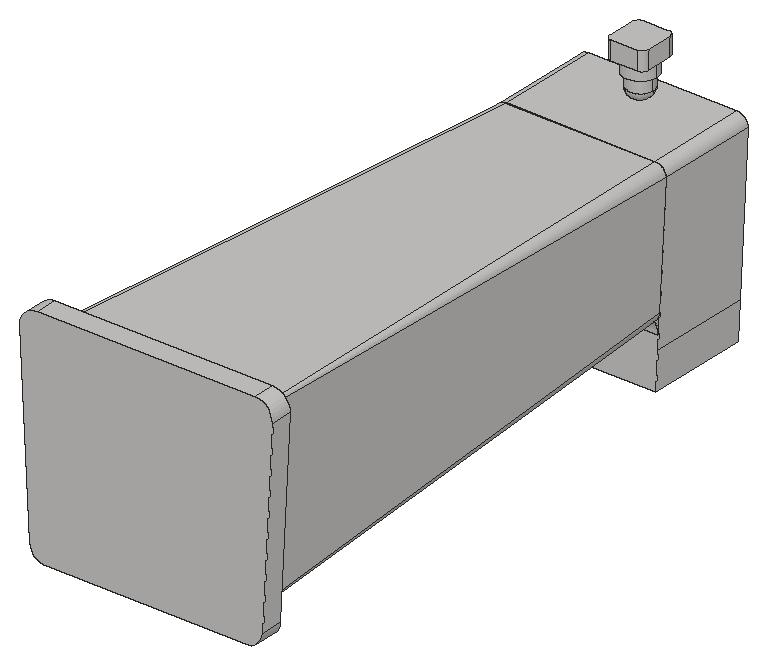
Revit family "S-1569", category Plumbing Fixtures, host Wall, Revit 2023
Family settings
  Host = Wall
  Round Connector Dimension = Use Diameter
  Part Type = Normal
  OmniClass Number = 23.45.00.00
  OmniClass Title = Sanitary, Laundry, and Cleaning Equipment
  Enable Cutting in Views = No
  Always vertical = Yes
  Cut with Voids When Loaded = No
  Maintain Annotation Orientation = No
  Shared = No
  Room Calculation Point = No
Parameters
  Default Elevation = 0' - 0"
Reference planes (in)
  plane 1: y = 0
  plane 2 "Center (Left/Right)": x = -0.47711
  plane 3 "Back": y = 3
  plane 4: z = 36
  plane 5: x = 0.64789
  plane 6: x = -1.60211
  plane 7: z = 37
  plane 8: z = 35
  plane 9: z = 34.8125
  plane 10: y = 8.75
  plane 11: z = 37.3125
Forms (in)
  Extrusion 1, solid, material "1.Metal Finish"
    sketch origin (-60, 3, 0) x (-1, 0, 0) y (0, 0, 1)
      loop
        arc (-60.55822, 35.13284) -> (-60.50995, 35.0381) -> (-60.41069, 35) r 0.14835
        line (-60.41069, 35) -> (-58.63509, 35)
        arc (-58.63509, 35) -> (-58.53583, 35.0381) -> (-58.48756, 35.13284) r 0.14835
        line (-58.48756, 35.13284) -> (-58.39789, 36.84383)
        arc (-58.39789, 36.84383) -> (-58.44363, 36.95426) -> (-58.55406, 37) r 0.15617
        line (-58.55406, 37) -> (-60.49172, 37)
        arc (-60.49172, 37) -> (-60.60215, 36.95426) -> (-60.64789, 36.84383) r 0.15617
        line (-60.64789, 36.84383) -> (-60.55822, 35.13284)
    from 0 to 0.19771
  Blend 2, solid, material "1.Metal Finish"
    base sketch origin (-60, 3, 0) x (-1, 0, 0) y (0, 0, 1)
      loop
        line (-60.46373, 36.82365) -> (-60.37885, 35.20406)
        arc (-60.37885, 35.20406) -> (-60.36315, 35.17545) -> (-60.33256, 35.16406) r 0.04678
        line (-60.33256, 35.16406) -> (-58.68197, 35.16406)
        arc (-58.68197, 35.16406) -> (-58.65138, 35.17545) -> (-58.63568, 35.20406) r 0.04678
        line (-58.63568, 35.20406) -> (-58.55177, 36.8051)
        arc (-58.55177, 36.8051) -> (-58.57192, 36.82759) -> (-58.60094, 36.83594) r 0.05461
        line (-58.60094, 36.83594) -> (-60.42922, 36.83594)
        arc (-60.42922, 36.83594) -> (-60.44754, 36.83277) -> (-60.46373, 36.82365) r 0.05461
    top sketch origin (-60, 3, 0) x (-1, 0, 0) y (0, 0, 1)
      loop
        line (-58.86182, 36.64844) -> (-60.18396, 36.64844)
        arc (-60.18396, 36.64844) -> (-60.25226, 36.62015) -> (-60.28054, 36.55185) r 0.09659
        line (-60.28054, 36.55185) -> (-60.22285, 35.45095)
        arc (-60.22285, 35.45095) -> (-60.18673, 35.38007) -> (-60.11246, 35.35156) r 0.11099
        line (-60.11246, 35.35156) -> (-58.93637, 35.35156)
        arc (-58.93637, 35.35156) -> (-58.85995, 35.3809) -> (-58.82278, 35.45383) r 0.11421
        line (-58.82278, 35.45383) -> (-58.76524, 36.55185)
        arc (-58.76524, 36.55185) -> (-58.79353, 36.62015) -> (-58.86182, 36.64844) r 0.09659
    from 0.19771 to 4.83637
  Extrusion 3, solid, material "1.Metal Finish"
    sketch origin (-60, 3, 0) x (-1, 0, 0) y (0, 0, 1)
      loop
        line (-60.20711, 35.15058) -> (-60.18939, 34.8125) -> (-59.52289, 34.8125) -> (-58.85639, 34.8125) -> (-58.76524, 36.55185)
        arc (-58.76524, 36.55185) -> (-58.79353, 36.62015) -> (-58.86182, 36.64844) r 0.09659
        line (-58.86182, 36.64844) -> (-60.18396, 36.64844)
        arc (-60.18396, 36.64844) -> (-60.25226, 36.62015) -> (-60.28054, 36.55185) r 0.09659
        line (-60.28054, 36.55185) -> (-60.20711, 35.15058)
    from 4.83637 to 5.75
  Extrusion 4, solid, material "1.Metal Finish"
    sketch origin (-0.47711, 0.1204, 0.10227) x (0, 1, 0) y (0, 0, 1)
      loop
        line (7.71596, 35.17268) -> (7.71596, 35.35156) -> (7.53919, 35.34945)
        arc (7.53919, 35.34945) -> (7.66419, 35.29768) -> (7.71596, 35.17268) r 0.17678
    from -0.69608 to 0.69031
  Revolve 5, solid, material "1.Metal Finish"
    sketch origin (-60, 8.5, -0.34815) x (-1, 0, 0) y (0, 0, 1)
      loop
        line (-59.66886, 37.31509) -> (-59.66886, 37.19476) -> (-59.63728, 37.19476) -> (-59.63728, 37.07627)
        arc (-59.63728, 37.07627) -> (-59.622, 37.02917) -> (-59.582, 37) r 0.08025
        line (-59.582, 37) -> (-59.52289, 37) -> (-59.52289, 37.31509) -> (-59.66886, 37.31509)
      axis (-59.52289, 37) -> (-59.52289, 37.31509)
    angle from 0 to 360
  Extrusion 6, solid, material "1.Metal Finish"
    sketch origin (0, 0, -0.34815) x (1, 0, 0) y (0, 1, 0)
      loop
        arc (-0.58386, 8.67825) -> (-0.62812, 8.65992) -> (-0.64646, 8.61565) r 0.0626
        line (-0.64646, 8.61565) -> (-0.64646, 8.38435)
        arc (-0.64646, 8.38435) -> (-0.63269, 8.34518) -> (-0.59746, 8.32324) r 0.0626
        line (-0.59746, 8.32324) -> (-0.35676, 8.32324)
        arc (-0.35676, 8.32324) -> (-0.32152, 8.34518) -> (-0.30758, 8.38435) r 0.0626
        line (-0.30758, 8.38435) -> (-0.30776, 8.61565)
        arc (-0.30776, 8.61565) -> (-0.32609, 8.65992) -> (-0.37036, 8.67825) r 0.0626
        line (-0.37036, 8.67825) -> (-0.58386, 8.67825)
    from 37.31509 to 37.47656
  Revolve 7, solid, material "1.Metal Finish"
    sketch origin (-60, 8.57784, 0) x (-1, 0, 0) y (0, 0, 1)
      loop
        line (-59.63395, 34.8125) -> (-59.63395, 34.78054) -> (-59.59897, 34.78054) -> (-59.59897, 34.74656) -> (-59.52289, 34.74656) -> (-59.52289, 34.8125) -> (-59.63395, 34.8125)
      axis (-59.52289, 34.8125) -> (-59.52289, 34.74656)
    angle from 0 to 360
Text (in)
  text "Placement Side" at (0, 40.15149, 123.01588), in view "Right"
  text "Placement Side" at (-70.3804, 45.82615, 0), in view "Ref. Level"
  text "Placement Side" at (0, 47.49176, 113.10569), in view "Left"
Dimensions and locks (in)
  locked: plane 3 "Back" to host wall
  plane 10 to host wall = 0' - 5 3/4"
  plane 6 to plane 5 = 0' - 2 1/4"
  plane 9 to plane 7 = 0' - 2 3/16"
  plane 8 to plane 7 = 0' - 2"
  plane 10 to Extrusion 1 = 0' - 5 3/4"
  plane 7 to plane 9 = 0' - 2 3/16"
  plane 9 to plane 11 = 0' - 2 1/2"
